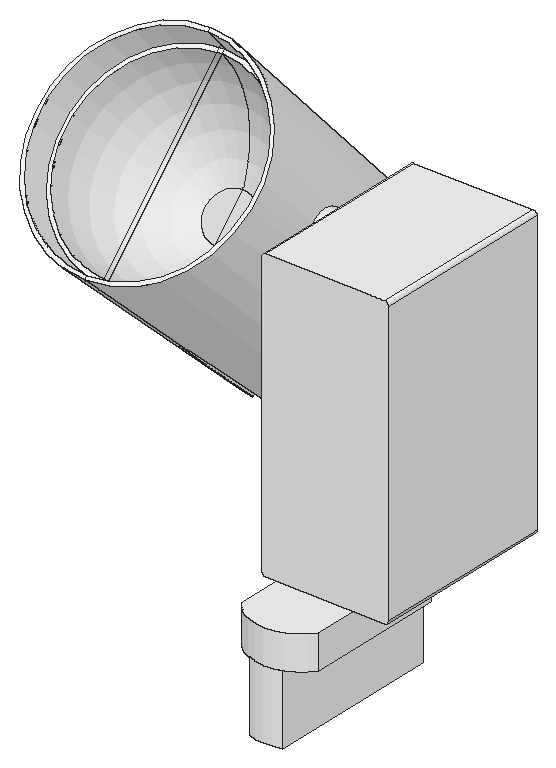
Revit family "0004874 Feilo Sylvania Lighting Fixture START TRACK SPOT S 24W 4K RA90 NB WHITE", category Lighting Fixtures, host Face, Revit 2017
Family settings
  Host = Face
  Round Connector Dimension = Use Diameter
  Part Type = Normal
  OmniClass Number = 23.80.70.00
  OmniClass Title = Lighting
  Cut with Voids When Loaded = No
  Light Source = No
  Shared = No
  Room Calculation Point = No
Parameters (values of type "0004874 START TRACK SPOT S 24W 4K RA90 NB WHITE")
  Weight = "0.966 kg"
  Wattage Comments = ""
  WarrantyStartDate [instance] = "n/a"
  WarrantyGuarantorParts = "n/a"
  WarrantyDurationUnit = "n/a"
  WarrantyDurationParts = "n/a"
  WarrantyDescription = "n/a"
  Voltage = 230 V
  URL = "http://www.sylvania-lighting.com"
  TypeName = "START TRACK SPOT S 24W 4K RA90 NB WHITE"
  TypeHead_FEILO = Start Track Spot Head : 0004874 START TRACK SPOT S 24W 4K RA90 NB WHITE
  TypeBox_FEILO = Start Track Spot Box : Type Small White
  Type Image = <None>
  Type Comments = "n/a"
  VerticalRotation_FEILO [instance] = 0.00°
  SlideEndAngle_FEILO [instance] = VerticalRotation_FEILO + 180.00°  # 180.00°
  SerialNumber [instance] = "n/a"
  Material_3_FEILO = none
  PowerFactor = 0.95
  PowerConsumption = "24 W"
  NominalLength = 0 mm
  NominalHeight = 200 mm
  NominalDepth = 140 mm
  Name = "START TRACK SPOT S 24W 4K RA90 NB WHITE"
  ModelReference = Name  # "START TRACK SPOT S 24W 4K RA90 NB WHITE"
  ModelNumber = "0004874"
  Model = Name  # "START TRACK SPOT S 24W 4K RA90 NB WHITE"
  Material = "adc12 aluminium housing, polycarbonate diffuser"
  ManufacturerName = "Feilo Sylvania"
  Manufacturer = "Feilo Sylvania"
  LuminousEfficacy = "90 lm/W"
  LuminaireType = ""
  LightOutputRatio = "100"
  LampsType = Lamp  # "LED"
  LampNominalLuminous = "2155 lm"
  LampMacAdamStep = "3"
  LampColourTemperature = "4000 K"
  LampColourRenderingIndex = "90"
  Lamp = "LED"
  Keynote = "16500"
  InstallationDate [instance] = "n/a"
  InputVoltage = "230-240V~"
  InputNominalFrequency = "50/60 Hz"
  IngressProtection = "IP20"
  ImpactProtectionIndex = "IK02"
  IfcExportType = "IfcLightFixtureType"
  IfcExportAs = "IfcLightFixtureType"
  HorizontalRotation_FEILO [instance] = 45.00°
  ExpectedLife = 50000
  ElectricShockClassification = "Class II"
  DurationUnit = "hours"
  DocumentationLiterature = "http://www.sylvania-lighting.com/product/en-int/products/0004874"
  DimmingControlOptions = "Non dimmable"
  Material_2_FEILO = none
  Description = "Integrated LED spotlight, Textured White - RAL9016, compact and minimalist design, ideal for retail applications, die-cast aluminium body, passive cooling heatsink. Beam angle: 12°, color temperature: 4000K , total system power: 24W, total fixture output: 2155 lm, LOR: 100%, colour rendering: Ra: 90 typical, LED Chromaticity: 3 step MacAdam ellipse, lifetime: >50000 hours at L70B50, energy class: A++, A+, A, IR/UV free light source without heat radiation, operating voltage: 220-240V / 50-60Hz, drive current: 600mA, electronic driver, non-dimmable, power factor: 0.95, electrical protection: Class II, Global Track 3 Phase adapter suitable for Global trac 3-circuit tracks, ingress protection rating: IP20, suitable for internal environment only, horizontal rotation: 355°, vertical tilt: 90°, dimensions: Ø86x140x200, weight: 0.966kg."
  Default Elevation = 1219.2 mm
  CreatedOn = "12/12/2017"
  CreatedBy = ""
  Cost = 0
  built-in parameter 1114216 [instance] = (empty or 0)
  ClassificationValue = "EF_70_80"
  ClassificationName = "Uniclass2015"
  Material_1_FEILO = Body-Sylvania-StartTrackSpot-White
  BarCode [instance] = "n/a"
  AssetType = "Fixed"
  AssetIdentifier [instance] = "n/a"
  Assembly Code = "D5020200"
  Apparent Load = 24 VA
  Material_4_FEILO = none
Reference planes
  plane 1 "Center (Front/Back)": y = 0
  plane 2: z = 0
  plane 3 "Center (Left/Right)": x = 0
  plane 4: x = 15
  plane 5: x = -15
  plane 6: y = 35
  plane 7: y = -35
  plane 8: z = 13
  plane 9: z = -27
  plane 10: x = 6.5
  plane 11: x = -6.5
  plane 12: y = 27
  plane 13: y = -27
  plane 14: y = 20
Forms (mm)
  Extrusion 1, solid, material "Body-Sylvania-StartTrackSpot-White" <- "Material_1_FEILO"
    sketch origin (0, 0, 0) x (1, 0, 0) y (0, 1, 0)
      loop
        line (-15, 27) -> (-15, -27)
        arc (-15, -27) -> (0, -35) -> (15, -27) r 18.062
        line (15, -27) -> (15, 27)
        arc (15, 27) -> (0, 35) -> (-15, 27) r 18.062
    from 0 to 13
  Extrusion 2, solid, material "Body-Sylvania-StartTrackSpot-White" <- "Material_1_FEILO"
    sketch origin (0, 0, 0) x (1, 0, 0) y (0, 1, 0)
      loop
        arc (6.5, 33.79) -> (0, 35) -> (-6.5, 33.79) r 18.062
        line (-6.5, 33.79) -> (-6.5, -33.79)
        arc (-6.5, -33.79) -> (0, -35) -> (6.5, -33.79) r 18.062
        line (6.5, -33.79) -> (6.5, 33.79)
    from 0 to -27
  Revolve 3, solid, not visible
    sketch origin (1524, 20, 1219.2) x (1, 0, 0) y (0, 0, 1)
      loop
        line (-1524, -1206.2) -> (-1524, -1191.285) -> (-1530.5, -1191.285) -> (-1530.5, -1206.2) -> (-1524, -1206.2)
      axis (-1524, -1191.285) -> (-1524, -1206.2)
    angle from 0 <- "VerticalRotation_FEILO" to 180 <- "SlideEndAngle_FEILO"
Cuts and joins
  joined: Extrusion 1, Extrusion 2
Dimensions and locks
  equal spacing: plane 10, plane 3 "Center (Left/Right)", plane 11
  equal spacing: plane 4, plane 3 "Center (Left/Right)", plane 5
  locked: plane 8 to plane 2 at 13
  locked: plane 8 to plane 9 at 40
  equal spacing: plane 13, plane 1 "Center (Front/Back)", plane 12
  locked: plane 12 to plane 6 at 8
  locked: plane 14 to plane 6 at 15
  locked: Revolve 3 sketch curve to plane 8 at 14.915
  aligned and locked: plane 2 to host face
  aligned and locked: level to host face
  aligned and locked: plane 5 to Extrusion 1 sketch curve  (x2)
  aligned and locked: plane 12 to Extrusion 1 sketch curve
  aligned and locked: plane 13 to Extrusion 1 sketch curve
  aligned and locked: plane 4 to Extrusion 1 sketch curve
  aligned and locked: Extrusion 1 to plane 8
  aligned and locked: Extrusion 1 to level
  aligned and locked: Extrusion 2 sketch curve to Extrusion 1  (x2)
  aligned and locked: Extrusion 2 sketch curve to plane 11
  aligned and locked: plane 10 to Extrusion 2 sketch curve
  aligned and locked: plane 9 to Extrusion 2
  aligned and locked: level to Extrusion 2
  aligned and locked: Revolve 3 sketch curve to plane 3 "Center (Left/Right)"  (x2)
  aligned and locked: plane 11 to Revolve 3 sketch curve
  aligned and locked: Revolve 3 sketch curve to plane 8
Automatic sketch dimensions
  host sketch curve to host sketch curve = 2438.4 mm  (x2)
  Extrusion 1 sketch curve to plane 3 "Center (Left/Right)" = 0 mm  (x2)
  Extrusion 1 sketch curve to plane 13 = 10.062 mm
  plane 12 to Extrusion 1 sketch curve = 10.062 mm
  Revolve 3 sketch curve to plane 3 "Center (Left/Right)" = 0 mm
  plane 9 to Revolve 3 sketch curve = 582.6 mm
  Revolve 3 sketch curve to Revolve 3 sketch curve = 2581.144 mm
Nested families
  nested 1: "Start Track Spot Head" at (-62, 20, 112.529) x (0, 0.7071, 0.7071) z (0, 0.7071, -0.7071), type <- "TypeHead_FEILO", type "0004874 START TRACK SPOT S 24W 4K RA90 NB WHITE"
    with built-in parameter 1114216 (empty or 0)
  nested 2: "Start Track Spot Box" at (8.5, 20, 73) x (-1, 0, 0) z (0, -1, 0), BoxStartAngle_FEILO <- "HorizontalRotation_FEILO", type <- "TypeBox_FEILO", type "Type Small White"
    with BoxStartAngle_FEILO 45.00°, BoxEndAngle_FEILO -135.00°
Connectors
  electrical at (0, 0, 0), driven by "Apparent Load", driven by "PowerFactor", driven by "Voltage"
    settings: index 1, voltage 230 V, apparent load 24 VA, apparent load phase1 0 VA, apparent load phase2 0 VA, apparent load phase3 0 VA, power factor 0.95, load classification "Lighting", number of poles 1, system type 30, power factor state 1, is connector primary yes, connector utility no, sub classification motor no, connector description ""
Definition of nested family "Start Track Spot Head"
  Parameters (values of type "0004811 START TRACK SPOT S 14W 3K RA80 NB WHITE")
    Wattage Comments = "n/a"
    Wattage = 14 W
    built-in parameter 1150110 = 1 (stored number, unit not read)
    URL = "http://www.feilosylvania.com"
    Type Image = (empty or 0)
    Type Comments = "n/a"
    built-in parameter 1114217 = 1 (stored number, unit not read)
    Tilt Angle = -90.00°
    built-in parameter 1150109 = 1 (stored number, unit not read)
    built-in parameter 1150134 = (empty or 0)
    built-in parameter 1150113 = 1 (stored number, unit not read)
    Photometric Web File = "0004811.ies"
    Material_3_FEILO = none
    Model = "START TRACK SPOT S 14W 3K RA80 NB WHITE"
    Manufacturer = "Feilo Sylvania"
    built-in parameter 1150105 = 123.66 (stored number, unit not read)
    Lumens = 1554 lm
    built-in parameter 1150115 = 1 (stored number, unit not read)
    built-in parameter 1150137 = (empty or 0)
    built-in parameter 1150139 = (empty or 0)
    built-in parameter 1150112 = 1 (stored number, unit not read)
    built-in parameter 1150114 = 1 (stored number, unit not read)
    Lamp = "LED"
    Keynote = "16500"
    Material_2_FEILO = none
    built-in parameter 1150132 = (empty or 0)
    built-in parameter 1150102 = (empty or 0)
    built-in parameter 1150107 = 3000 (stored number, unit not read)
    built-in parameter 1150138 = (empty or 0)
    built-in parameter 1150106 = 1.2366 (stored number, unit not read)
    HeadThickness_FEILO = if(HeadDiaOut_FEILO > 112 mm, 2 mm, 1.5 mm)  # 1.5 mm
    HeadRibOffset_FEILO = HeadHeight_FEILO / 28  # 4.179 mm
    HeadRibDepth_FEILO = HeadHeight_FEILO / 2.1  # 55.714 mm
    HeadRibCutWidth_FEILO = HeadDiaOut_FEILO / 12  # 7.167 mm
    HeadRibCutOffset_FEILO = HeadHeight_FEILO / 2.3  # 50.87 mm
    HeadReflectorRadius_FEILO = HeadDiaOut_FEILO / 1.7  # 50.588 mm
    HeadReflectorOffset_FEILO = HeadHeight_FEILO / 2.1  # 55.714 mm
    HeadLEDRadius_FEILO = HeadDiaOut_FEILO / 9  # 9.556 mm
    HeadHeight_FEILO = 117 mm
    HeadDraft_FEILO = 1 mm
    HeadDiffusorThickness_FEILO = 3 mm
    HeadDiffusorOffset_FEILO = HeadHeight_FEILO / 12.4  # 9.435 mm
    HeadDiaOut_FEILO = 86 mm
    HeadDiaIn_FEILO = HeadDiaOut_FEILO / 1.11  # 77.477 mm
    HeadAxisFromTop_FEILO = HeadHeight_FEILO / 1.687  # 69.354 mm
    Emit from Circle Diameter = HeadDiaIn_FEILO  # 77.477 mm
    Emit Shape Visible in Rendering = no
    built-in parameter 1150104 = 10.312 (stored number, unit not read)
    Dimming Lamp Color Temperature Shift = (empty or 0)
    Description = "Integrated LED spotlight, Textured White - RAL9016, compact and minimalist design, ideal for retail applications, die-cast aluminium body, passive cooling heatsink. Beam angle: 12°, color temperature: 3000K , total system power: 14W, total fixture output: 1551 lm, LOR: 100%, colour rendering: Ra: 80 typical, LED Chromaticity: 3 step MacAdam ellipse, lifetime: >50000 hours at L70B50, energy class: A++, A+, A, IR/UV free light source without heat radiation, operating voltage: 220-240V / 50-60Hz, drive current: 350mA, electronic driver, non-dimmable, power factor: 0.92, electrical protection: Class II, Global Track 3 Phase adapter suitable for Global trac 3-circuit tracks, ingress protection rating: IP20, suitable for internal environment only, horizontal rotation: 355°, vertical tilt: 90°, dimensions: Ø86x140x200, weight: 0.940kg."
    Default Elevation = 1219.2 mm
    Cost = 0
    Color Filter = 16777215
    built-in parameter 1114216 [instance] = (empty or 0)
    Material_1_FEILO = none
    built-in parameter 1114218 = 1 (stored number, unit not read)
    built-in parameter 1150133 = 10 (stored number, unit not read)
    Assembly Code = "D5020200"
    Apparent Load = 14 VA
    Material_4_FEILO = none
  Types (96, lengths in mm): name | Wattage | built-in parameter 1150134 | Photometric Web File | Model | built-in parameter 1150105 | Lumens | built-in parameter 1150107 | built-in parameter 1150106 | HeadThickness_FEILO | HeadRibOffset_FEILO | HeadRibDepth_FEILO | HeadRibCutWidth_FEILO | HeadRibCutOffset_FEILO | HeadReflectorRadius_FEILO | HeadReflectorOffset_FEILO | HeadLEDRadius_FEILO | HeadHeight_FEILO | HeadDiffusorOffset_FEILO | HeadDiaOut_FEILO | HeadDiaIn_FEILO | HeadAxisFromTop_FEILO | Emit from Circle Diameter | built-in parameter 1150104 | Description | Apparent Load
    0004906 START TRACK SPOT L 55W 4K RA90 WB BLACK | 55 W | 12 | "0004906.ies" | "START TRACK SPOT L 55W 4K RA90 WB BLACK" | 385.15 (stored number, unit not read) | 4840 lm | 4000 (stored number, unit not read) | 3.8515 (stored number, unit not read) | 2 | 4.429 | 59.048 | 9.417 | 53.913 | 66.471 | 59.048 | 12.556 | 124 | 10 | 113 | 101.802 | 73.503 | 101.802 | 8.1755 (stored number, unit not read) | "Integrated LED spotlight, Textured Black - RAL9005, compact and minimalist design, ideal for retail applications, die-cast aluminium body, passive cooling heatsink. Beam angle: 52°, color temperature: 4000K , total system power: 55W, total fixture output: 4824 lm, LOR: 100%, colour rendering: Ra: 90 typical, LED Chromaticity: 3 step MacAdam ellipse, lifetime: >50000 hours at L70B50, energy class: A++, A+, A, IR/UV free light source without heat radiation, operating voltage: 220-240V / 50-60Hz, drive current: 1400mA, electronic driver, non-dimmable, power factor: 0.96, electrical protection: Class II, Global Track 3 Phase adapter suitable for Global trac 3-circuit tracks, ingress protection rating: IP20, suitable for internal environment only, horizontal rotation: 355°, vertical tilt: 90°, dimensions: Ø113x164x240, weight: 1.398kg." | 55 VA
    0004905 START TRACK SPOT L 55W 4K RA90 MB BLACK | 55 W | 12 | "0004905.ies" | "START TRACK SPOT L 55W 4K RA90 MB BLACK" | 389.53 (stored number, unit not read) | 4895 lm | 4000 (stored number, unit not read) | 3.8953 (stored number, unit not read) | 2 | 4.429 | 59.048 | 9.417 | 53.913 | 66.471 | 59.048 | 12.556 | 124 | 10 | 113 | 101.802 | 73.503 | 101.802 | 8.2684 (stored number, unit not read) | "Integrated LED spotlight, Textured Black - RAL9005, compact and minimalist design, ideal for retail applications, die-cast aluminium body, passive cooling heatsink. Beam angle: 38°, color temperature: 4000K , total system power: 55W, total fixture output: 4897 lm, LOR: 100%, colour rendering: Ra: 90 typical, LED Chromaticity: 3 step MacAdam ellipse, lifetime: >50000 hours at L70B50, energy class: A++, A+, A, IR/UV free light source without heat radiation, operating voltage: 220-240V / 50-60Hz, drive current: 1400mA, electronic driver, non-dimmable, power factor: 0.96, electrical protection: Class II, Global Track 3 Phase adapter suitable for Global trac 3-circuit tracks, ingress protection rating: IP20, suitable for internal environment only, horizontal rotation: 355°, vertical tilt: 90°, dimensions: Ø113x164x240, weight: 1.398kg." | 55 VA
    0004904 START TRACK SPOT L 55W 4K RA90 NB BLACK | 55 W | 12 | "0004904.ies" | "START TRACK SPOT L 55W 4K RA90 NB BLACK" | 393.91 (stored number, unit not read) | 4950 lm | 4000 (stored number, unit not read) | 3.9391 (stored number, unit not read) | 2 | 4.429 | 59.048 | 9.417 | 53.913 | 66.471 | 59.048 | 12.556 | 124 | 10 | 113 | 101.802 | 73.503 | 101.802 | 8.3613 (stored number, unit not read) | "Integrated LED spotlight, Textured Black - RAL9005, compact and minimalist design, ideal for retail applications, die-cast aluminium body, passive cooling heatsink. Beam angle: 15°, color temperature: 4000K , total system power: 55W, total fixture output: 4965 lm, LOR: 100%, colour rendering: Ra: 90 typical, LED Chromaticity: 3 step MacAdam ellipse, lifetime: >50000 hours at L70B50, energy class: A++, A+, A, IR/UV free light source without heat radiation, operating voltage: 220-240V / 50-60Hz, drive current: 1400mA, electronic driver, non-dimmable, power factor: 0.96, electrical protection: Class II, Global Track 3 Phase adapter suitable for Global trac 3-circuit tracks, ingress protection rating: IP20, suitable for internal environment only, horizontal rotation: 355°, vertical tilt: 90°, dimensions: Ø113x164x240, weight: 1.398kg." | 55 VA
    0004903 START TRACK SPOT L 35W 4K RA90 WB BLACK | 35 W | 12 | "0004903.ies" | "START TRACK SPOT L 35W 4K RA90 WB BLACK" | 284.09 (stored number, unit not read) | 3570 lm | 4000 (stored number, unit not read) | 2.8409 (stored number, unit not read) | 2 | 4.429 | 59.048 | 9.417 | 53.913 | 66.471 | 59.048 | 12.556 | 124 | 10 | 113 | 101.802 | 73.503 | 101.802 | 9.4761 (stored number, unit not read) | "Integrated LED spotlight, Textured Black - RAL9005, compact and minimalist design, ideal for retail applications, die-cast aluminium body, passive cooling heatsink. Beam angle: 52°, color temperature: 4000K , total system power: 35W, total fixture output: 3562 lm, LOR: 100%, colour rendering: Ra: 90 typical, LED Chromaticity: 3 step MacAdam ellipse, lifetime: >50000 hours at L70B50, energy class: A++, A+, A, IR/UV free light source without heat radiation, operating voltage: 220-240V / 50-60Hz, drive current: 900mA, electronic driver, non-dimmable, power factor: 0.93, electrical protection: Class II, Global Track 3 Phase adapter suitable for Global trac 3-circuit tracks, ingress protection rating: IP20, suitable for internal environment only, horizontal rotation: 355°, vertical tilt: 90°, dimensions: Ø113x164x240, weight: 1.368kg." | 35 VA
    0004902 START TRACK SPOT L 35W 4K RA90 MB BLACK | 35 W | 12 | "0004902.ies" | "START TRACK SPOT L 35W 4K RA90 MB BLACK" | 286.88 (stored number, unit not read) | 3605 lm | 4000 (stored number, unit not read) | 2.8688 (stored number, unit not read) | 2 | 4.429 | 59.048 | 9.417 | 53.913 | 66.471 | 59.048 | 12.556 | 124 | 10 | 113 | 101.802 | 73.503 | 101.802 | 9.569 (stored number, unit not read) | "Integrated LED spotlight, Textured Black - RAL9005, compact and minimalist design, ideal for retail applications, die-cast aluminium body, passive cooling heatsink. Beam angle: 38°, color temperature: 4000K , total system power: 35W, total fixture output: 3616 lm, LOR: 100%, colour rendering: Ra: 90 typical, LED Chromaticity: 3 step MacAdam ellipse, lifetime: >50000 hours at L70B50, energy class: A++, A+, A, IR/UV free light source without heat radiation, operating voltage: 220-240V / 50-60Hz, drive current: 900mA, electronic driver, non-dimmable, power factor: 0.93, electrical protection: Class II, Global Track 3 Phase adapter suitable for Global trac 3-circuit tracks, ingress protection rating: IP20, suitable for internal environment only, horizontal rotation: 355°, vertical tilt: 90°, dimensions: Ø113x164x240, weight: 1.368kg." | 35 VA
    0004901 START TRACK SPOT L 35W 4K RA90 NB BLACK | 35 W | 12 | "0004901.ies" | "START TRACK SPOT L 35W 4K RA90 NB BLACK" | 286.88 (stored number, unit not read) | 3605 lm | 4000 (stored number, unit not read) | 2.8688 (stored number, unit not read) | 2 | 4.429 | 59.048 | 9.417 | 53.913 | 66.471 | 59.048 | 12.556 | 124 | 10 | 113 | 101.802 | 73.503 | 101.802 | 9.569 (stored number, unit not read) | "Integrated LED spotlight, Textured Black - RAL9005, compact and minimalist design, ideal for retail applications, die-cast aluminium body, passive cooling heatsink. Beam angle: 15°, color temperature: 4000K , total system power: 35W, total fixture output: 3593 lm, LOR: 100%, colour rendering: Ra: 90 typical, LED Chromaticity: 3 step MacAdam ellipse, lifetime: >50000 hours at L70B50, energy class: A++, A+, A, IR/UV free light source without heat radiation, operating voltage: 220-240V / 50-60Hz, drive current: 900mA, electronic driver, non-dimmable, power factor: 0.93, electrical protection: Class II, Global Track 3 Phase adapter suitable for Global trac 3-circuit tracks, ingress protection rating: IP20, suitable for internal environment only, horizontal rotation: 355°, vertical tilt: 90°, dimensions: Ø113x164x240, weight: 1.368kg." | 35 VA
    0004900 START TRACK SPOT S 24W 4K RA90 WB BLACK | 24 W | 12 | "0004900.ies" | "START TRACK SPOT S 24W 4K RA90 WB BLACK" | 166.16 (stored number, unit not read) | 2088 lm | 4000 (stored number, unit not read) | 1.6616 (stored number, unit not read) | 1.5 | 4.179 | 55.714 | 7.167 | 50.87 | 50.588 | 55.714 | 9.556 | 117 | 9.435 | 86 | 77.477 | 69.354 | 77.477 | 8.0826 (stored number, unit not read) | "Integrated LED spotlight, Textured Black - RAL9005, compact and minimalist design, ideal for retail applications, die-cast aluminium body, passive cooling heatsink. Beam angle: 64°, color temperature: 4000K , total system power: 24W, total fixture output: 2087 lm, LOR: 100%, colour rendering: Ra: 90 typical, LED Chromaticity: 3 step MacAdam ellipse, lifetime: >50000 hours at L70B50, energy class: A++, A+, A, IR/UV free light source without heat radiation, operating voltage: 220-240V / 50-60Hz, drive current: 600mA, electronic driver, non-dimmable, power factor: 0.95, electrical protection: Class II, Global Track 3 Phase adapter suitable for Global trac 3-circuit tracks, ingress protection rating: IP20, suitable for internal environment only, horizontal rotation: 355°, vertical tilt: 90°, dimensions: Ø86x140x200, weight: 0.966kg." | 24 VA
    0004899 START TRACK SPOT S 24W 4K RA90 MB BLACK | 24 W | 12 | "0004899.ies" | "START TRACK SPOT S 24W 4K RA90 MB BLACK" | 169.98 (stored number, unit not read) | 2136 lm | 4000 (stored number, unit not read) | 1.6998 (stored number, unit not read) | 1.5 | 4.179 | 55.714 | 7.167 | 50.87 | 50.588 | 55.714 | 9.556 | 117 | 9.435 | 86 | 77.477 | 69.354 | 77.477 | 8.2684 (stored number, unit not read) | "Integrated LED spotlight, Textured Black - RAL9005, compact and minimalist design, ideal for retail applications, die-cast aluminium body, passive cooling heatsink. Beam angle: 36°, color temperature: 4000K , total system power: 24W, total fixture output: 2141 lm, LOR: 100%, colour rendering: Ra: 90 typical, LED Chromaticity: 3 step MacAdam ellipse, lifetime: >50000 hours at L70B50, energy class: A++, A+, A, IR/UV free light source without heat radiation, operating voltage: 220-240V / 50-60Hz, drive current: 600mA, electronic driver, non-dimmable, power factor: 0.95, electrical protection: Class II, Global Track 3 Phase adapter suitable for Global trac 3-circuit tracks, ingress protection rating: IP20, suitable for internal environment only, horizontal rotation: 355°, vertical tilt: 90°, dimensions: Ø86x140x200, weight: 0.966kg." | 24 VA
    0004898 START TRACK SPOT S 24W 4K RA90 NB BLACK | 24 W | 12 | "0004898.ies" | "START TRACK SPOT S 24W 4K RA90 NB BLACK" | 171.89 (stored number, unit not read) | 2160 lm | 4000 (stored number, unit not read) | 1.7189 (stored number, unit not read) | 1.5 | 4.179 | 55.714 | 7.167 | 50.87 | 50.588 | 55.714 | 9.556 | 117 | 9.435 | 86 | 77.477 | 69.354 | 77.477 | 8.3613 (stored number, unit not read) | "Integrated LED spotlight, Textured Black - RAL9005, compact and minimalist design, ideal for retail applications, die-cast aluminium body, passive cooling heatsink. Beam angle: 12°, color temperature: 4000K , total system power: 24W, total fixture output: 2155 lm, LOR: 100%, colour rendering: Ra: 90 typical, LED Chromaticity: 3 step MacAdam ellipse, lifetime: >50000 hours at L70B50, energy class: A++, A+, A, IR/UV free light source without heat radiation, operating voltage: 220-240V / 50-60Hz, drive current: 600mA, electronic driver, non-dimmable, power factor: 0.95, electrical protection: Class II, Global Track 3 Phase adapter suitable for Global trac 3-circuit tracks, ingress protection rating: IP20, suitable for internal environment only, horizontal rotation: 355°, vertical tilt: 90°, dimensions: Ø86x140x200, weight: 0.966kg." | 24 VA
    0004897 START TRACK SPOT S 14W 4K RA90 WB BLACK | 14 W | 12 | "0004897.ies" | "START TRACK SPOT S 14W 4K RA90 WB BLACK" | 108.07 (stored number, unit not read) | 1358 lm | 4000 (stored number, unit not read) | 1.0807 (stored number, unit not read) | 1.5 | 4.179 | 55.714 | 7.167 | 50.87 | 50.588 | 55.714 | 9.556 | 117 | 9.435 | 86 | 77.477 | 69.354 | 77.477 | 9.0116 (stored number, unit not read) | "Integrated LED spotlight, Textured Black - RAL9005, compact and minimalist design, ideal for retail applications, die-cast aluminium body, passive cooling heatsink. Beam angle: 64°, color temperature: 4000K , total system power: 14W, total fixture output: 1352 lm, LOR: 100%, colour rendering: Ra: 90 typical, LED Chromaticity: 3 step MacAdam ellipse, lifetime: >50000 hours at L70B50, energy class: A++, A+, A, IR/UV free light source without heat radiation, operating voltage: 220-240V / 50-60Hz, drive current: 350mA, electronic driver, non-dimmable, power factor: 0.92, electrical protection: Class II, Global Track 3 Phase adapter suitable for Global trac 3-circuit tracks, ingress protection rating: IP20, suitable for internal environment only, horizontal rotation: 355°, vertical tilt: 90°, dimensions: Ø86x140x200, weight: 0.940kg." | 14 VA
    0004896 START TRACK SPOT S 14W 4K RA90 MB BLACK | 14 W | 12 | "0004896.ies" | "START TRACK SPOT S 14W 4K RA90 MB BLACK" | 108.07 (stored number, unit not read) | 1358 lm | 4000 (stored number, unit not read) | 1.0807 (stored number, unit not read) | 1.5 | 4.179 | 55.714 | 7.167 | 50.87 | 50.588 | 55.714 | 9.556 | 117 | 9.435 | 86 | 77.477 | 69.354 | 77.477 | 9.0116 (stored number, unit not read) | "Integrated LED spotlight, Textured Black - RAL9005, compact and minimalist design, ideal for retail applications, die-cast aluminium body, passive cooling heatsink. Beam angle: 36°, color temperature: 4000K , total system power: 14W, total fixture output: 1359 lm, LOR: 100%, colour rendering: Ra: 90 typical, LED Chromaticity: 3 step MacAdam ellipse, lifetime: >50000 hours at L70B50, energy class: A++, A+, A, IR/UV free light source without heat radiation, operating voltage: 220-240V / 50-60Hz, drive current: 350mA, electronic driver, non-dimmable, power factor: 0.92, electrical protection: Class II, Global Track 3 Phase adapter suitable for Global trac 3-circuit tracks, ingress protection rating: IP20, suitable for internal environment only, horizontal rotation: 355°, vertical tilt: 90°, dimensions: Ø86x140x200, weight: 0.940kg." | 14 VA
    0004895 START TRACK SPOT S 14W 4K RA90 NB BLACK | 14 W | 12 | "0004895.ies" | "START TRACK SPOT S 14W 4K RA90 NB BLACK" | 106.95 (stored number, unit not read) | 1344 lm | 4000 (stored number, unit not read) | 1.0695 (stored number, unit not read) | 1.5 | 4.179 | 55.714 | 7.167 | 50.87 | 50.588 | 55.714 | 9.556 | 117 | 9.435 | 86 | 77.477 | 69.354 | 77.477 | 8.9187 (stored number, unit not read) | "Integrated LED spotlight, Textured Black - RAL9005, compact and minimalist design, ideal for retail applications, die-cast aluminium body, passive cooling heatsink. Beam angle: 12°, color temperature: 4000K , total system power: 14W, total fixture output: 1349 lm, LOR: 100%, colour rendering: Ra: 90 typical, LED Chromaticity: 3 step MacAdam ellipse, lifetime: >50000 hours at L70B50, energy class: A++, A+, A, IR/UV free light source without heat radiation, operating voltage: 220-240V / 50-60Hz, drive current: 350mA, electronic driver, non-dimmable, power factor: 0.92, electrical protection: Class II, Global Track 3 Phase adapter suitable for Global trac 3-circuit tracks, ingress protection rating: IP20, suitable for internal environment only, horizontal rotation: 355°, vertical tilt: 90°, dimensions: Ø86x140x200, weight: 0.940kg." | 14 VA
    0004894 START TRACK SPOT L 55W 3K RA90 WB BLACK | 55 W | (empty or 0) | "0004894.ies" | "START TRACK SPOT L 55W 3K RA90 WB BLACK" | 350.14 (stored number, unit not read) | 4400 lm | 3000 (stored number, unit not read) | 3.5014 (stored number, unit not read) | 2 | 4.429 | 59.048 | 9.417 | 53.913 | 66.471 | 59.048 | 12.556 | 124 | 10 | 113 | 101.802 | 73.503 | 101.802 | 7.4322 (stored number, unit not read) | "Integrated LED spotlight, Textured Black - RAL9005, compact and minimalist design, ideal for retail applications, die-cast aluminium body, passive cooling heatsink. Beam angle: 52°, color temperature: 3000K , total system power: 55W, total fixture output: 4405 lm, LOR: 100%, colour rendering: Ra: 90 typical, LED Chromaticity: 3 step MacAdam ellipse, lifetime: >50000 hours at L70B50, energy class: A++, A+, A, IR/UV free light source without heat radiation, operating voltage: 220-240V / 50-60Hz, drive current: 1400mA, electronic driver, non-dimmable, power factor: 0.96, electrical protection: Class II, Global Track 3 Phase adapter suitable for Global trac 3-circuit tracks, ingress protection rating: IP20, suitable for internal environment only, horizontal rotation: 355°, vertical tilt: 90°, dimensions: Ø113x164x240, weight: 1.398kg." | 55 VA
    0004893 START TRACK SPOT L 55W 3K RA90 MB BLACK | 55 W | (empty or 0) | "0004893.ies" | "START TRACK SPOT L 55W 3K RA90 MB BLACK" | 354.52 (stored number, unit not read) | 4455 lm | 3000 (stored number, unit not read) | 3.5452 (stored number, unit not read) | 2 | 4.429 | 59.048 | 9.417 | 53.913 | 66.471 | 59.048 | 12.556 | 124 | 10 | 113 | 101.802 | 73.503 | 101.802 | 7.5251 (stored number, unit not read) | "Integrated LED spotlight, Textured Black - RAL9005, compact and minimalist design, ideal for retail applications, die-cast aluminium body, passive cooling heatsink. Beam angle: 38°, color temperature: 3000K , total system power: 55W, total fixture output: 4448 lm, LOR: 100%, colour rendering: Ra: 90 typical, LED Chromaticity: 3 step MacAdam ellipse, lifetime: >50000 hours at L70B50, energy class: A++, A+, A, IR/UV free light source without heat radiation, operating voltage: 220-240V / 50-60Hz, drive current: 1400mA, electronic driver, non-dimmable, power factor: 0.96, electrical protection: Class II, Global Track 3 Phase adapter suitable for Global trac 3-circuit tracks, ingress protection rating: IP20, suitable for internal environment only, horizontal rotation: 355°, vertical tilt: 90°, dimensions: Ø113x164x240, weight: 1.398kg." | 55 VA
    0004892 START TRACK SPOT L 55W 3K RA90 NB BLACK | 55 W | (empty or 0) | "0004892.ies" | "START TRACK SPOT L 55W 3K RA90 NB BLACK" | 350.14 (stored number, unit not read) | 4400 lm | 3000 (stored number, unit not read) | 3.5014 (stored number, unit not read) | 2 | 4.429 | 59.048 | 9.417 | 53.913 | 66.471 | 59.048 | 12.556 | 124 | 10 | 113 | 101.802 | 73.503 | 101.802 | 7.4322 (stored number, unit not read) | "Integrated LED spotlight, Textured Black - RAL9005, compact and minimalist design, ideal for retail applications, die-cast aluminium body, passive cooling heatsink. Beam angle: 15°, color temperature: 3000K , total system power: 55W, total fixture output: 4416 lm, LOR: 100%, colour rendering: Ra: 90 typical, LED Chromaticity: 3 step MacAdam ellipse, lifetime: >50000 hours at L70B50, energy class: A++, A+, A, IR/UV free light source without heat radiation, operating voltage: 220-240V / 50-60Hz, drive current: 1400mA, electronic driver, non-dimmable, power factor: 0.96, electrical protection: Class II, Global Track 3 Phase adapter suitable for Global trac 3-circuit tracks, ingress protection rating: IP20, suitable for internal environment only, horizontal rotation: 355°, vertical tilt: 90°, dimensions: Ø113x164x240, weight: 1.398kg." | 55 VA
    0004891 START TRACK SPOT L 35W 3K RA90 WB BLACK | 35 W | (empty or 0) | "0004891.ies" | "START TRACK SPOT L 35W 3K RA90 WB BLACK" | 259.02 (stored number, unit not read) | 3255 lm | 3000 (stored number, unit not read) | 2.5902 (stored number, unit not read) | 2 | 4.429 | 59.048 | 9.417 | 53.913 | 66.471 | 59.048 | 12.556 | 124 | 10 | 113 | 101.802 | 73.503 | 101.802 | 8.64 (stored number, unit not read) | "Integrated LED spotlight, Textured Black - RAL9005, compact and minimalist design, ideal for retail applications, die-cast aluminium body, passive cooling heatsink. Beam angle: 52°, color temperature: 3000K , total system power: 35W, total fixture output: 3260 lm, LOR: 100%, colour rendering: Ra: 90 typical, LED Chromaticity: 3 step MacAdam ellipse, lifetime: >50000 hours at L70B50, energy class: A++, A+, A, IR/UV free light source without heat radiation, operating voltage: 220-240V / 50-60Hz, drive current: 900mA, electronic driver, non-dimmable, power factor: 0.93, electrical protection: Class II, Global Track 3 Phase adapter suitable for Global trac 3-circuit tracks, ingress protection rating: IP20, suitable for internal environment only, horizontal rotation: 355°, vertical tilt: 90°, dimensions: Ø113x164x240, weight: 1.368kg." | 35 VA
    0004890 START TRACK SPOT L 35W 3K RA90 MB BLACK | 35 W | (empty or 0) | "0004890.ies" | "START TRACK SPOT L 35W 3K RA90 MB BLACK" | 261.81 (stored number, unit not read) | 3290 lm | 3000 (stored number, unit not read) | 2.6181 (stored number, unit not read) | 2 | 4.429 | 59.048 | 9.417 | 53.913 | 66.471 | 59.048 | 12.556 | 124 | 10 | 113 | 101.802 | 73.503 | 101.802 | 8.7329 (stored number, unit not read) | "Integrated LED spotlight, Textured Black - RAL9005, compact and minimalist design, ideal for retail applications, die-cast aluminium body, passive cooling heatsink. Beam angle: 38°, color temperature: 3000K , total system power: 35W, total fixture output: 3306 lm, LOR: 100%, colour rendering: Ra: 90 typical, LED Chromaticity: 3 step MacAdam ellipse, lifetime: >50000 hours at L70B50, energy class: A++, A+, A, IR/UV free light source without heat radiation, operating voltage: 220-240V / 50-60Hz, drive current: 900mA, electronic driver, non-dimmable, power factor: 0.93, electrical protection: Class II, Global Track 3 Phase adapter suitable for Global trac 3-circuit tracks, ingress protection rating: IP20, suitable for internal environment only, horizontal rotation: 355°, vertical tilt: 90°, dimensions: Ø113x164x240, weight: 1.368kg." | 35 VA
    0004889 START TRACK SPOT L 35W 3K RA90 NB BLACK | 35 W | (empty or 0) | "0004889.ies" | "START TRACK SPOT L 35W 3K RA90 NB BLACK" | 261.81 (stored number, unit not read) | 3290 lm | 3000 (stored number, unit not read) | 2.6181 (stored number, unit not read) | 2 | 4.429 | 59.048 | 9.417 | 53.913 | 66.471 | 59.048 | 12.556 | 124 | 10 | 113 | 101.802 | 73.503 | 101.802 | 8.7329 (stored number, unit not read) | "Integrated LED spotlight, Textured Black - RAL9005, compact and minimalist design, ideal for retail applications, die-cast aluminium body, passive cooling heatsink. Beam angle: 15°, color temperature: 3000K , total system power: 35W, total fixture output: 3287 lm, LOR: 100%, colour rendering: Ra: 90 typical, LED Chromaticity: 3 step MacAdam ellipse, lifetime: >50000 hours at L70B50, energy class: A++, A+, A, IR/UV free light source without heat radiation, operating voltage: 220-240V / 50-60Hz, drive current: 900mA, electronic driver, non-dimmable, power factor: 0.93, electrical protection: Class II, Global Track 3 Phase adapter suitable for Global trac 3-circuit tracks, ingress protection rating: IP20, suitable for internal environment only, horizontal rotation: 355°, vertical tilt: 90°, dimensions: Ø113x164x240, weight: 1.368kg." | 35 VA
    0004888 START TRACK SPOT S 24W 3K RA90 WB BLACK | 24 W | (empty or 0) | "0004888.ies" | "START TRACK SPOT S 24W 3K RA90 WB BLACK" | 152.79 (stored number, unit not read) | 1920 lm | 3000 (stored number, unit not read) | 1.5279 (stored number, unit not read) | 1.5 | 4.179 | 55.714 | 7.167 | 50.87 | 50.588 | 55.714 | 9.556 | 117 | 9.435 | 86 | 77.477 | 69.354 | 77.477 | 7.4322 (stored number, unit not read) | "Integrated LED spotlight, Textured Black - RAL9005, compact and minimalist design, ideal for retail applications, die-cast aluminium body, passive cooling heatsink. Beam angle: 64°, color temperature: 3000K , total system power: 24W, total fixture output: 1928 lm, LOR: 100%, colour rendering: Ra: 90 typical, LED Chromaticity: 3 step MacAdam ellipse, lifetime: >50000 hours at L70B50, energy class: A++, A+, A, IR/UV free light source without heat radiation, operating voltage: 220-240V / 50-60Hz, drive current: 600mA, electronic driver, non-dimmable, power factor: 0.95, electrical protection: Class II, Global Track 3 Phase adapter suitable for Global trac 3-circuit tracks, ingress protection rating: IP20, suitable for internal environment only, horizontal rotation: 355°, vertical tilt: 90°, dimensions: Ø86x140x200, weight: 0.966kg." | 24 VA
    0004887 START TRACK SPOT S 24W 3K RA90 MB BLACK | 24 W | (empty or 0) | "0004887.ies" | "START TRACK SPOT S 24W 3K RA90 MB BLACK" | 154.7 (stored number, unit not read) | 1944 lm | 3000 (stored number, unit not read) | 1.547 (stored number, unit not read) | 1.5 | 4.179 | 55.714 | 7.167 | 50.87 | 50.588 | 55.714 | 9.556 | 117 | 9.435 | 86 | 77.477 | 69.354 | 77.477 | 7.5251 (stored number, unit not read) | "Integrated LED spotlight, Textured Black - RAL9005, compact and minimalist design, ideal for retail applications, die-cast aluminium body, passive cooling heatsink. Beam angle: 36°, color temperature: 3000K , total system power: 24W, total fixture output: 1944 lm, LOR: 100%, colour rendering: Ra: 90 typical, LED Chromaticity: 3 step MacAdam ellipse, lifetime: >50000 hours at L70B50, energy class: A++, A+, A, IR/UV free light source without heat radiation, operating voltage: 220-240V / 50-60Hz, drive current: 600mA, electronic driver, non-dimmable, power factor: 0.95, electrical protection: Class II, Global Track 3 Phase adapter suitable for Global trac 3-circuit tracks, ingress protection rating: IP20, suitable for internal environment only, horizontal rotation: 355°, vertical tilt: 90°, dimensions: Ø86x140x200, weight: 0.966kg." | 24 VA
    0004886 START TRACK SPOT S 24W 3K RA90 NB BLACK | 24 W | (empty or 0) | "0004886.ies" | "START TRACK SPOT S 24W 3K RA90 NB BLACK" | 158.52 (stored number, unit not read) | 1992 lm | 3000 (stored number, unit not read) | 1.5852 (stored number, unit not read) | 1.5 | 4.179 | 55.714 | 7.167 | 50.87 | 50.588 | 55.714 | 9.556 | 117 | 9.435 | 86 | 77.477 | 69.354 | 77.477 | 7.711 (stored number, unit not read) | "Integrated LED spotlight, Textured Black - RAL9005, compact and minimalist design, ideal for retail applications, die-cast aluminium body, passive cooling heatsink. Beam angle: 12°, color temperature: 3000K , total system power: 24W, total fixture output: 1987 lm, LOR: 100%, colour rendering: Ra: 90 typical, LED Chromaticity: 3 step MacAdam ellipse, lifetime: >50000 hours at L70B50, energy class: A++, A+, A, IR/UV free light source without heat radiation, operating voltage: 220-240V / 50-60Hz, drive current: 600mA, electronic driver, non-dimmable, power factor: 0.95, electrical protection: Class II, Global Track 3 Phase adapter suitable for Global trac 3-circuit tracks, ingress protection rating: IP20, suitable for internal environment only, horizontal rotation: 355°, vertical tilt: 90°, dimensions: Ø86x140x200, weight: 0.966kg." | 24 VA
    0004885 START TRACK SPOT S 14W 3K RA90 WB BLACK | 14 W | (empty or 0) | "0004885.ies" | "START TRACK SPOT S 14W 3K RA90 WB BLACK" | 100.27 (stored number, unit not read) | 1260 lm | 3000 (stored number, unit not read) | 1.0027 (stored number, unit not read) | 1.5 | 4.179 | 55.714 | 7.167 | 50.87 | 50.588 | 55.714 | 9.556 | 117 | 9.435 | 86 | 77.477 | 69.354 | 77.477 | 8.3613 (stored number, unit not read) | "Integrated LED spotlight, Textured Black - RAL9005, compact and minimalist design, ideal for retail applications, die-cast aluminium body, passive cooling heatsink. Beam angle: 64°, color temperature: 3000K , total system power: 14W, total fixture output: 1262 lm, LOR: 100%, colour rendering: Ra: 90 typical, LED Chromaticity: 3 step MacAdam ellipse, lifetime: >50000 hours at L70B50, energy class: A++, A+, A, IR/UV free light source without heat radiation, operating voltage: 220-240V / 50-60Hz, drive current: 350mA, electronic driver, non-dimmable, power factor: 0.92, electrical protection: Class II, Global Track 3 Phase adapter suitable for Global trac 3-circuit tracks, ingress protection rating: IP20, suitable for internal environment only, horizontal rotation: 355°, vertical tilt: 90°, dimensions: Ø86x140x200, weight: 0.940kg." | 14 VA
    0004884 START TRACK SPOT S 14W 3K RA90 MB BLACK | 14 W | (empty or 0) | "0004884.ies" | "START TRACK SPOT S 14W 3K RA90 MB BLACK" | 100.27 (stored number, unit not read) | 1260 lm | 3000 (stored number, unit not read) | 1.0027 (stored number, unit not read) | 1.5 | 4.179 | 55.714 | 7.167 | 50.87 | 50.588 | 55.714 | 9.556 | 117 | 9.435 | 86 | 77.477 | 69.354 | 77.477 | 8.3613 (stored number, unit not read) | "Integrated LED spotlight, Textured Black - RAL9005, compact and minimalist design, ideal for retail applications, die-cast aluminium body, passive cooling heatsink. Beam angle: 36°, color temperature: 3000K , total system power: 14W, total fixture output: 1262 lm, LOR: 100%, colour rendering: Ra: 90 typical, LED Chromaticity: 3 step MacAdam ellipse, lifetime: >50000 hours at L70B50, energy class: A++, A+, A, IR/UV free light source without heat radiation, operating voltage: 220-240V / 50-60Hz, drive current: 350mA, electronic driver, non-dimmable, power factor: 0.92, electrical protection: Class II, Global Track 3 Phase adapter suitable for Global trac 3-circuit tracks, ingress protection rating: IP20, suitable for internal environment only, horizontal rotation: 355°, vertical tilt: 90°, dimensions: Ø86x140x200, weight: 0.940kg." | 14 VA
    0004883 START TRACK SPOT S 14W 3K RA90 NB BLACK | 14 W | (empty or 0) | "0004883.ies" | "START TRACK SPOT S 14W 3K RA90 NB BLACK" | 102.5 (stored number, unit not read) | 1288 lm | 3000 (stored number, unit not read) | 1.025 (stored number, unit not read) | 1.5 | 4.179 | 55.714 | 7.167 | 50.87 | 50.588 | 55.714 | 9.556 | 117 | 9.435 | 86 | 77.477 | 69.354 | 77.477 | 8.5471 (stored number, unit not read) | "Integrated LED spotlight, Textured Black - RAL9005, compact and minimalist design, ideal for retail applications, die-cast aluminium body, passive cooling heatsink. Beam angle: 12°, color temperature: 3000K , total system power: 14W, total fixture output: 1284 lm, LOR: 100%, colour rendering: Ra: 90 typical, LED Chromaticity: 3 step MacAdam ellipse, lifetime: >50000 hours at L70B50, energy class: A++, A+, A, IR/UV free light source without heat radiation, operating voltage: 220-240V / 50-60Hz, drive current: 350mA, electronic driver, non-dimmable, power factor: 0.92, electrical protection: Class II, Global Track 3 Phase adapter suitable for Global trac 3-circuit tracks, ingress protection rating: IP20, suitable for internal environment only, horizontal rotation: 355°, vertical tilt: 90°, dimensions: Ø86x140x200, weight: 0.940kg." | 14 VA
    0004882 START TRACK SPOT L 55W 4K RA90 WB WHITE | 55 W | 12 | "0004882.ies" | "START TRACK SPOT L 55W 4K RA90 WB WHITE" | 385.15 (stored number, unit not read) | 4840 lm | 4000 (stored number, unit not read) | 3.8515 (stored number, unit not read) | 2 | 4.429 | 59.048 | 9.417 | 53.913 | 66.471 | 59.048 | 12.556 | 124 | 10 | 113 | 101.802 | 73.503 | 101.802 | 8.1755 (stored number, unit not read) | "Integrated LED spotlight, Textured White - RAL9016, compact and minimalist design, ideal for retail applications, die-cast aluminium body, passive cooling heatsink. Beam angle: 52°, color temperature: 4000K , total system power: 55W, total fixture output: 4824 lm, LOR: 100%, colour rendering: Ra: 90 typical, LED Chromaticity: 3 step MacAdam ellipse, lifetime: >50000 hours at L70B50, energy class: A++, A+, A, IR/UV free light source without heat radiation, operating voltage: 220-240V / 50-60Hz, drive current: 1400mA, electronic driver, non-dimmable, power factor: 0.96, electrical protection: Class II, Global Track 3 Phase adapter suitable for Global trac 3-circuit tracks, ingress protection rating: IP20, suitable for internal environment only, horizontal rotation: 355°, vertical tilt: 90°, dimensions: Ø113x164x240, weight: 1.398kg." | 55 VA
    0004881 START TRACK SPOT L 55W 4K RA90 MB WHITE | 55 W | 12 | "0004881.ies" | "START TRACK SPOT L 55W 4K RA90 MB WHITE" | 389.53 (stored number, unit not read) | 4895 lm | 4000 (stored number, unit not read) | 3.8953 (stored number, unit not read) | 2 | 4.429 | 59.048 | 9.417 | 53.913 | 66.471 | 59.048 | 12.556 | 124 | 10 | 113 | 101.802 | 73.503 | 101.802 | 8.2684 (stored number, unit not read) | "Integrated LED spotlight, Textured White - RAL9016, compact and minimalist design, ideal for retail applications, die-cast aluminium body, passive cooling heatsink. Beam angle: 38°, color temperature: 4000K , total system power: 55W, total fixture output: 4897 lm, LOR: 100%, colour rendering: Ra: 90 typical, LED Chromaticity: 3 step MacAdam ellipse, lifetime: >50000 hours at L70B50, energy class: A++, A+, A, IR/UV free light source without heat radiation, operating voltage: 220-240V / 50-60Hz, drive current: 1400mA, electronic driver, non-dimmable, power factor: 0.96, electrical protection: Class II, Global Track 3 Phase adapter suitable for Global trac 3-circuit tracks, ingress protection rating: IP20, suitable for internal environment only, horizontal rotation: 355°, vertical tilt: 90°, dimensions: Ø113x164x240, weight: 1.398kg." | 55 VA
    0004880 START TRACK SPOT L 55W 4K RA90 NB WHITE | 55 W | 12 | "0004880.ies" | "START TRACK SPOT L 55W 4K RA90 NB WHITE" | 393.91 (stored number, unit not read) | 4950 lm | 4000 (stored number, unit not read) | 3.9391 (stored number, unit not read) | 2 | 4.429 | 59.048 | 9.417 | 53.913 | 66.471 | 59.048 | 12.556 | 124 | 10 | 113 | 101.802 | 73.503 | 101.802 | 8.3613 (stored number, unit not read) | "Integrated LED spotlight, Textured White - RAL9016, compact and minimalist design, ideal for retail applications, die-cast aluminium body, passive cooling heatsink. Beam angle: 15°, color temperature: 4000K , total system power: 55W, total fixture output: 4965 lm, LOR: 100%, colour rendering: Ra: 90 typical, LED Chromaticity: 3 step MacAdam ellipse, lifetime: >50000 hours at L70B50, energy class: A++, A+, A, IR/UV free light source without heat radiation, operating voltage: 220-240V / 50-60Hz, drive current: 1400mA, electronic driver, non-dimmable, power factor: 0.96, electrical protection: Class II, Global Track 3 Phase adapter suitable for Global trac 3-circuit tracks, ingress protection rating: IP20, suitable for internal environment only, horizontal rotation: 355°, vertical tilt: 90°, dimensions: Ø113x164x240, weight: 1.398kg." | 55 VA
    0004879 START TRACK SPOT L 35W 4K RA90 WB WHITE | 35 W | 12 | "0004879.ies" | "START TRACK SPOT L 35W 4K RA90 WB WHITE" | 284.09 (stored number, unit not read) | 3570 lm | 4000 (stored number, unit not read) | 2.8409 (stored number, unit not read) | 2 | 4.429 | 59.048 | 9.417 | 53.913 | 66.471 | 59.048 | 12.556 | 124 | 10 | 113 | 101.802 | 73.503 | 101.802 | 9.4761 (stored number, unit not read) | "Integrated LED spotlight, Textured White - RAL9016, compact and minimalist design, ideal for retail applications, die-cast aluminium body, passive cooling heatsink. Beam angle: 52°, color temperature: 4000K , total system power: 35W, total fixture output: 3562 lm, LOR: 100%, colour rendering: Ra: 90 typical, LED Chromaticity: 3 step MacAdam ellipse, lifetime: >50000 hours at L70B50, energy class: A++, A+, A, IR/UV free light source without heat radiation, operating voltage: 220-240V / 50-60Hz, drive current: 900mA, electronic driver, non-dimmable, power factor: 0.93, electrical protection: Class II, Global Track 3 Phase adapter suitable for Global trac 3-circuit tracks, ingress protection rating: IP20, suitable for internal environment only, horizontal rotation: 355°, vertical tilt: 90°, dimensions: Ø113x164x240, weight: 1.368kg." | 35 VA
    0004878 START TRACK SPOT L 35W 4K RA90 MB WHITE | 35 W | 12 | "0004878.ies" | "START TRACK SPOT L 35W 4K RA90 MB WHITE" | 286.88 (stored number, unit not read) | 3605 lm | 4000 (stored number, unit not read) | 2.8688 (stored number, unit not read) | 2 | 4.429 | 59.048 | 9.417 | 53.913 | 66.471 | 59.048 | 12.556 | 124 | 10 | 113 | 101.802 | 73.503 | 101.802 | 9.569 (stored number, unit not read) | "Integrated LED spotlight, Textured White - RAL9016, compact and minimalist design, ideal for retail applications, die-cast aluminium body, passive cooling heatsink. Beam angle: 38°, color temperature: 4000K , total system power: 35W, total fixture output: 3616 lm, LOR: 100%, colour rendering: Ra: 90 typical, LED Chromaticity: 3 step MacAdam ellipse, lifetime: >50000 hours at L70B50, energy class: A++, A+, A, IR/UV free light source without heat radiation, operating voltage: 220-240V / 50-60Hz, drive current: 900mA, electronic driver, non-dimmable, power factor: 0.93, electrical protection: Class II, Global Track 3 Phase adapter suitable for Global trac 3-circuit tracks, ingress protection rating: IP20, suitable for internal environment only, horizontal rotation: 355°, vertical tilt: 90°, dimensions: Ø113x164x240, weight: 1.368kg." | 35 VA
    0004877 START TRACK SPOT L 35W 4K RA90 NB WHITE | 35 W | 12 | "0004877.ies" | "START TRACK SPOT L 35W 4K RA90 NB WHITE" | 286.88 (stored number, unit not read) | 3605 lm | 4000 (stored number, unit not read) | 2.8688 (stored number, unit not read) | 2 | 4.429 | 59.048 | 9.417 | 53.913 | 66.471 | 59.048 | 12.556 | 124 | 10 | 113 | 101.802 | 73.503 | 101.802 | 9.569 (stored number, unit not read) | "Integrated LED spotlight, Textured White - RAL9016, compact and minimalist design, ideal for retail applications, die-cast aluminium body, passive cooling heatsink. Beam angle: 15°, color temperature: 4000K , total system power: 35W, total fixture output: 3593 lm, LOR: 100%, colour rendering: Ra: 90 typical, LED Chromaticity: 3 step MacAdam ellipse, lifetime: >50000 hours at L70B50, energy class: A++, A+, A, IR/UV free light source without heat radiation, operating voltage: 220-240V / 50-60Hz, drive current: 900mA, electronic driver, non-dimmable, power factor: 0.93, electrical protection: Class II, Global Track 3 Phase adapter suitable for Global trac 3-circuit tracks, ingress protection rating: IP20, suitable for internal environment only, horizontal rotation: 355°, vertical tilt: 90°, dimensions: Ø113x164x240, weight: 1.368kg." | 35 VA
    0004876 START TRACK SPOT S 24W 4K RA90 WB WHITE | 24 W | 12 | "0004876.ies" | "START TRACK SPOT S 24W 4K RA90 WB WHITE" | 166.16 (stored number, unit not read) | 2088 lm | 4000 (stored number, unit not read) | 1.6616 (stored number, unit not read) | 1.5 | 4.179 | 55.714 | 7.167 | 50.87 | 50.588 | 55.714 | 9.556 | 117 | 9.435 | 86 | 77.477 | 69.354 | 77.477 | 8.0826 (stored number, unit not read) | "Integrated LED spotlight, Textured White - RAL9016, compact and minimalist design, ideal for retail applications, die-cast aluminium body, passive cooling heatsink. Beam angle: 64°, color temperature: 4000K , total system power: 24W, total fixture output: 2087 lm, LOR: 100%, colour rendering: Ra: 90 typical, LED Chromaticity: 3 step MacAdam ellipse, lifetime: >50000 hours at L70B50, energy class: A++, A+, A, IR/UV free light source without heat radiation, operating voltage: 220-240V / 50-60Hz, drive current: 600mA, electronic driver, non-dimmable, power factor: 0.95, electrical protection: Class II, Global Track 3 Phase adapter suitable for Global trac 3-circuit tracks, ingress protection rating: IP20, suitable for internal environment only, horizontal rotation: 355°, vertical tilt: 90°, dimensions: Ø86x140x200, weight: 0.966kg." | 24 VA
    0004875 START TRACK SPOT S 24W 4K RA90 MB WHITE | 24 W | 12 | "0004875.ies" | "START TRACK SPOT S 24W 4K RA90 MB WHITE" | 169.98 (stored number, unit not read) | 2136 lm | 4000 (stored number, unit not read) | 1.6998 (stored number, unit not read) | 1.5 | 4.179 | 55.714 | 7.167 | 50.87 | 50.588 | 55.714 | 9.556 | 117 | 9.435 | 86 | 77.477 | 69.354 | 77.477 | 8.2684 (stored number, unit not read) | "Integrated LED spotlight, Textured White - RAL9016, compact and minimalist design, ideal for retail applications, die-cast aluminium body, passive cooling heatsink. Beam angle: 36°, color temperature: 4000K , total system power: 24W, total fixture output: 2141 lm, LOR: 100%, colour rendering: Ra: 90 typical, LED Chromaticity: 3 step MacAdam ellipse, lifetime: >50000 hours at L70B50, energy class: A++, A+, A, IR/UV free light source without heat radiation, operating voltage: 220-240V / 50-60Hz, drive current: 600mA, electronic driver, non-dimmable, power factor: 0.95, electrical protection: Class II, Global Track 3 Phase adapter suitable for Global trac 3-circuit tracks, ingress protection rating: IP20, suitable for internal environment only, horizontal rotation: 355°, vertical tilt: 90°, dimensions: Ø86x140x200, weight: 0.966kg." | 24 VA
    0004874 START TRACK SPOT S 24W 4K RA90 NB WHITE | 24 W | 12 | "0004874.ies" | "START TRACK SPOT S 24W 4K RA90 NB WHITE" | 171.89 (stored number, unit not read) | 2160 lm | 4000 (stored number, unit not read) | 1.7189 (stored number, unit not read) | 1.5 | 4.179 | 55.714 | 7.167 | 50.87 | 50.588 | 55.714 | 9.556 | 117 | 9.435 | 86 | 77.477 | 69.354 | 77.477 | 8.3613 (stored number, unit not read) | "Integrated LED spotlight, Textured White - RAL9016, compact and minimalist design, ideal for retail applications, die-cast aluminium body, passive cooling heatsink. Beam angle: 12°, color temperature: 4000K , total system power: 24W, total fixture output: 2155 lm, LOR: 100%, colour rendering: Ra: 90 typical, LED Chromaticity: 3 step MacAdam ellipse, lifetime: >50000 hours at L70B50, energy class: A++, A+, A, IR/UV free light source without heat radiation, operating voltage: 220-240V / 50-60Hz, drive current: 600mA, electronic driver, non-dimmable, power factor: 0.95, electrical protection: Class II, Global Track 3 Phase adapter suitable for Global trac 3-circuit tracks, ingress protection rating: IP20, suitable for internal environment only, horizontal rotation: 355°, vertical tilt: 90°, dimensions: Ø86x140x200, weight: 0.966kg." | 24 VA
    0004873 START TRACK SPOT S 14W 4K RA90 WB WHITE | 14 W | 12 | "0004873.ies" | "START TRACK SPOT S 14W 4K RA90 WB WHITE" | 108.07 (stored number, unit not read) | 1358 lm | 4000 (stored number, unit not read) | 1.0807 (stored number, unit not read) | 1.5 | 4.179 | 55.714 | 7.167 | 50.87 | 50.588 | 55.714 | 9.556 | 117 | 9.435 | 86 | 77.477 | 69.354 | 77.477 | 9.0116 (stored number, unit not read) | "Integrated LED spotlight, Textured White - RAL9016, compact and minimalist design, ideal for retail applications, die-cast aluminium body, passive cooling heatsink. Beam angle: 64°, color temperature: 4000K , total system power: 14W, total fixture output: 1352 lm, LOR: 100%, colour rendering: Ra: 90 typical, LED Chromaticity: 3 step MacAdam ellipse, lifetime: >50000 hours at L70B50, energy class: A++, A+, A, IR/UV free light source without heat radiation, operating voltage: 220-240V / 50-60Hz, drive current: 350mA, electronic driver, non-dimmable, power factor: 0.92, electrical protection: Class II, Global Track 3 Phase adapter suitable for Global trac 3-circuit tracks, ingress protection rating: IP20, suitable for internal environment only, horizontal rotation: 355°, vertical tilt: 90°, dimensions: Ø86x140x200, weight: 0.940kg." | 14 VA
    0004872 START TRACK SPOT S 14W 4K RA90 MB WHITE | 14 W | 12 | "0004872.ies" | "START TRACK SPOT S 14W 4K RA90 MB WHITE" | 108.07 (stored number, unit not read) | 1358 lm | 4000 (stored number, unit not read) | 1.0807 (stored number, unit not read) | 1.5 | 4.179 | 55.714 | 7.167 | 50.87 | 50.588 | 55.714 | 9.556 | 117 | 9.435 | 86 | 77.477 | 69.354 | 77.477 | 9.0116 (stored number, unit not read) | "Integrated LED spotlight, Textured White - RAL9016, compact and minimalist design, ideal for retail applications, die-cast aluminium body, passive cooling heatsink. Beam angle: 36°, color temperature: 4000K , total system power: 14W, total fixture output: 1359 lm, LOR: 100%, colour rendering: Ra: 90 typical, LED Chromaticity: 3 step MacAdam ellipse, lifetime: >50000 hours at L70B50, energy class: A++, A+, A, IR/UV free light source without heat radiation, operating voltage: 220-240V / 50-60Hz, drive current: 350mA, electronic driver, non-dimmable, power factor: 0.92, electrical protection: Class II, Global Track 3 Phase adapter suitable for Global trac 3-circuit tracks, ingress protection rating: IP20, suitable for internal environment only, horizontal rotation: 355°, vertical tilt: 90°, dimensions: Ø86x140x200, weight: 0.940kg." | 14 VA
    0004871 START TRACK SPOT S 14W 4K RA90 NB WHITE | 14 W | 12 | "0004871.ies" | "START TRACK SPOT S 14W 4K RA90 NB WHITE" | 106.95 (stored number, unit not read) | 1344 lm | 4000 (stored number, unit not read) | 1.0695 (stored number, unit not read) | 1.5 | 4.179 | 55.714 | 7.167 | 50.87 | 50.588 | 55.714 | 9.556 | 117 | 9.435 | 86 | 77.477 | 69.354 | 77.477 | 8.9187 (stored number, unit not read) | "Integrated LED spotlight, Textured White - RAL9016, compact and minimalist design, ideal for retail applications, die-cast aluminium body, passive cooling heatsink. Beam angle: 12°, color temperature: 4000K , total system power: 14W, total fixture output: 1349 lm, LOR: 100%, colour rendering: Ra: 90 typical, LED Chromaticity: 3 step MacAdam ellipse, lifetime: >50000 hours at L70B50, energy class: A++, A+, A, IR/UV free light source without heat radiation, operating voltage: 220-240V / 50-60Hz, drive current: 350mA, electronic driver, non-dimmable, power factor: 0.92, electrical protection: Class II, Global Track 3 Phase adapter suitable for Global trac 3-circuit tracks, ingress protection rating: IP20, suitable for internal environment only, horizontal rotation: 355°, vertical tilt: 90°, dimensions: Ø86x140x200, weight: 0.940kg." | 14 VA
    0004870 START TRACK SPOT L 55W 3K RA90 WB WHITE | 55 W | (empty or 0) | "0004870.ies" | "START TRACK SPOT L 55W 3K RA90 WB WHITE" | 350.14 (stored number, unit not read) | 4400 lm | 3000 (stored number, unit not read) | 3.5014 (stored number, unit not read) | 2 | 4.429 | 59.048 | 9.417 | 53.913 | 66.471 | 59.048 | 12.556 | 124 | 10 | 113 | 101.802 | 73.503 | 101.802 | 7.4322 (stored number, unit not read) | "Integrated LED spotlight, Textured White - RAL9016, compact and minimalist design, ideal for retail applications, die-cast aluminium body, passive cooling heatsink. Beam angle: 52°, color temperature: 3000K , total system power: 55W, total fixture output: 4405 lm, LOR: 100%, colour rendering: Ra: 90 typical, LED Chromaticity: 3 step MacAdam ellipse, lifetime: >50000 hours at L70B50, energy class: A++, A+, A, IR/UV free light source without heat radiation, operating voltage: 220-240V / 50-60Hz, drive current: 1400mA, electronic driver, non-dimmable, power factor: 0.96, electrical protection: Class II, Global Track 3 Phase adapter suitable for Global trac 3-circuit tracks, ingress protection rating: IP20, suitable for internal environment only, horizontal rotation: 355°, vertical tilt: 90°, dimensions: Ø113x164x240, weight: 1.398kg." | 55 VA
    0004869 START TRACK SPOT L 55W 3K RA90 MB WHITE | 55 W | (empty or 0) | "0004869.ies" | "START TRACK SPOT L 55W 3K RA90 MB WHITE" | 354.52 (stored number, unit not read) | 4455 lm | 3000 (stored number, unit not read) | 3.5452 (stored number, unit not read) | 2 | 4.429 | 59.048 | 9.417 | 53.913 | 66.471 | 59.048 | 12.556 | 124 | 10 | 113 | 101.802 | 73.503 | 101.802 | 7.5251 (stored number, unit not read) | "Integrated LED spotlight, Textured White - RAL9016, compact and minimalist design, ideal for retail applications, die-cast aluminium body, passive cooling heatsink. Beam angle: 38°, color temperature: 3000K , total system power: 55W, total fixture output: 4448 lm, LOR: 100%, colour rendering: Ra: 90 typical, LED Chromaticity: 3 step MacAdam ellipse, lifetime: >50000 hours at L70B50, energy class: A++, A+, A, IR/UV free light source without heat radiation, operating voltage: 220-240V / 50-60Hz, drive current: 1400mA, electronic driver, non-dimmable, power factor: 0.96, electrical protection: Class II, Global Track 3 Phase adapter suitable for Global trac 3-circuit tracks, ingress protection rating: IP20, suitable for internal environment only, horizontal rotation: 355°, vertical tilt: 90°, dimensions: Ø113x164x240, weight: 1.398kg." | 55 VA
    0004868 START TRACK SPOT L 55W 3K RA90 NB WHITE | 55 W | (empty or 0) | "0004868.ies" | "START TRACK SPOT L 55W 3K RA90 NB WHITE" | 350.14 (stored number, unit not read) | 4400 lm | 3000 (stored number, unit not read) | 3.5014 (stored number, unit not read) | 2 | 4.429 | 59.048 | 9.417 | 53.913 | 66.471 | 59.048 | 12.556 | 124 | 10 | 113 | 101.802 | 73.503 | 101.802 | 7.4322 (stored number, unit not read) | "Integrated LED spotlight, Textured White - RAL9016, compact and minimalist design, ideal for retail applications, die-cast aluminium body, passive cooling heatsink. Beam angle: 15°, color temperature: 3000K , total system power: 55W, total fixture output: 4416 lm, LOR: 100%, colour rendering: Ra: 90 typical, LED Chromaticity: 3 step MacAdam ellipse, lifetime: >50000 hours at L70B50, energy class: A++, A+, A, IR/UV free light source without heat radiation, operating voltage: 220-240V / 50-60Hz, drive current: 1400mA, electronic driver, non-dimmable, power factor: 0.96, electrical protection: Class II, Global Track 3 Phase adapter suitable for Global trac 3-circuit tracks, ingress protection rating: IP20, suitable for internal environment only, horizontal rotation: 355°, vertical tilt: 90°, dimensions: Ø113x164x240, weight: 1.398kg." | 55 VA
    0004867 START TRACK SPOT L 35W 3K RA90 WB WHITE | 35 W | (empty or 0) | "0004867.ies" | "START TRACK SPOT L 35W 3K RA90 WB WHITE" | 259.02 (stored number, unit not read) | 3255 lm | 3000 (stored number, unit not read) | 2.5902 (stored number, unit not read) | 2 | 4.429 | 59.048 | 9.417 | 53.913 | 66.471 | 59.048 | 12.556 | 124 | 10 | 113 | 101.802 | 73.503 | 101.802 | 8.64 (stored number, unit not read) | "Integrated LED spotlight, Textured White - RAL9016, compact and minimalist design, ideal for retail applications, die-cast aluminium body, passive cooling heatsink. Beam angle: 52°, color temperature: 3000K , total system power: 35W, total fixture output: 3260 lm, LOR: 100%, colour rendering: Ra: 90 typical, LED Chromaticity: 3 step MacAdam ellipse, lifetime: >50000 hours at L70B50, energy class: A++, A+, A, IR/UV free light source without heat radiation, operating voltage: 220-240V / 50-60Hz, drive current: 900mA, electronic driver, non-dimmable, power factor: 0.93, electrical protection: Class II, Global Track 3 Phase adapter suitable for Global trac 3-circuit tracks, ingress protection rating: IP20, suitable for internal environment only, horizontal rotation: 355°, vertical tilt: 90°, dimensions: Ø113x164x240, weight: 1.368kg." | 35 VA
    0004866 START TRACK SPOT L 35W 3K RA90 MB WHITE | 35 W | (empty or 0) | "0004866.ies" | "START TRACK SPOT L 35W 3K RA90 MB WHITE" | 261.81 (stored number, unit not read) | 3290 lm | 3000 (stored number, unit not read) | 2.6181 (stored number, unit not read) | 2 | 4.429 | 59.048 | 9.417 | 53.913 | 66.471 | 59.048 | 12.556 | 124 | 10 | 113 | 101.802 | 73.503 | 101.802 | 8.7329 (stored number, unit not read) | "Integrated LED spotlight, Textured White - RAL9016, compact and minimalist design, ideal for retail applications, die-cast aluminium body, passive cooling heatsink. Beam angle: 38°, color temperature: 3000K , total system power: 35W, total fixture output: 3306 lm, LOR: 100%, colour rendering: Ra: 90 typical, LED Chromaticity: 3 step MacAdam ellipse, lifetime: >50000 hours at L70B50, energy class: A++, A+, A, IR/UV free light source without heat radiation, operating voltage: 220-240V / 50-60Hz, drive current: 900mA, electronic driver, non-dimmable, power factor: 0.93, electrical protection: Class II, Global Track 3 Phase adapter suitable for Global trac 3-circuit tracks, ingress protection rating: IP20, suitable for internal environment only, horizontal rotation: 355°, vertical tilt: 90°, dimensions: Ø113x164x240, weight: 1.368kg." | 35 VA
    0004865 START TRACK SPOT L 35W 3K RA90 NB WHITE | 35 W | (empty or 0) | "0004865.ies" | "START TRACK SPOT L 35W 3K RA90 NB WHITE" | 261.81 (stored number, unit not read) | 3290 lm | 3000 (stored number, unit not read) | 2.6181 (stored number, unit not read) | 2 | 4.429 | 59.048 | 9.417 | 53.913 | 66.471 | 59.048 | 12.556 | 124 | 10 | 113 | 101.802 | 73.503 | 101.802 | 8.7329 (stored number, unit not read) | "Integrated LED spotlight, Textured White - RAL9016, compact and minimalist design, ideal for retail applications, die-cast aluminium body, passive cooling heatsink. Beam angle: 15°, color temperature: 3000K , total system power: 35W, total fixture output: 3287 lm, LOR: 100%, colour rendering: Ra: 90 typical, LED Chromaticity: 3 step MacAdam ellipse, lifetime: >50000 hours at L70B50, energy class: A++, A+, A, IR/UV free light source without heat radiation, operating voltage: 220-240V / 50-60Hz, drive current: 900mA, electronic driver, non-dimmable, power factor: 0.93, electrical protection: Class II, Global Track 3 Phase adapter suitable for Global trac 3-circuit tracks, ingress protection rating: IP20, suitable for internal environment only, horizontal rotation: 355°, vertical tilt: 90°, dimensions: Ø113x164x240, weight: 1.368kg." | 35 VA
